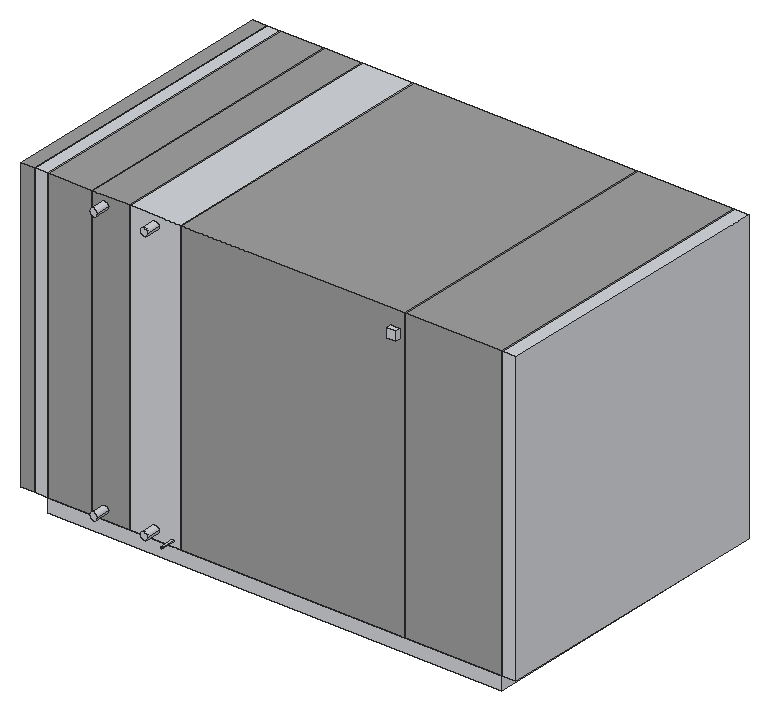
Revit family "Приточная система с водяным нагревом водяным охлаждением", category Оборудование, Revit 2021
Family settings
  Размер круглого соединителя = Использовать диаметр
  Классификация = Нет
  Тип детали = Нормальный
  На основе рабочей плоскости = Нет
  Всегда вертикально = Да
  При загрузке вырезать с полостями = Нет
  Общий = Нет
  Точка принадлежности помещению = Нет
Parameters (values of type "16B")
  Ширина ГВ = ADSK_Размер_Ширина  # 2580 mm
  Сторона обслуживания [instance] = "Справа"
  Слив конденсата = 15 mm
  Подключение охладителя [instance] = 65 mm
  Подключение нагревателя G [instance] = 65 mm
  Подключение испарителя K [instance] = 0 mm
  Подключение испарителя E = 0 mm
  Отметка по умолчанию = 0 mm
  Длина секции охладителя [instance] = 457 mm
  Длина секции испарителя CF = 0 mm
  Длина гибкой встаки = 125 mm
  Длина секции шумоглушения SL [instance] = 862 mm
  Длина секции нагревателя HW [instance] = 336 mm
  Длина клапана FC = 120 mm
  Длина секции вентилятора FA [instance] = 1990 mm
  Длина секции фильтра F [instance] = 390 mm
  Высота рамы = 120 mm
  Высота ГВ = ADSK_Размер_Высота  # 2580 mm
  ADSK_Частота вращения двигателя = 1460
  ADSK_Тип воздушного фильтра [instance] = "G3"
  ADSK_Свободный напор воздуха = 400.0 Pa
  ADSK_Расход холодоносителя = 19.6 m³/h
  ADSK_Расход теплоносителя = 18.75 m³/h
  ADSK_Расход воздуха приточный [instance] = 33000.0 m³/h
  ADSK_Размер_Ширина = 2580 mm
  ADSK_Размер_Высота = 2580 mm
  ADSK_Полная мощность [instance] = 15.0 kW
  ADSK_Обозначение = "П3.16"
  ADSK_Напряжение = 380 V
  ADSK_Наименование краткое [instance] = "16B"
  ADSK_Масса = 1619
Types (16, lengths in mm): name | Ширина ГВ | Подключение охладителя | Подключение нагревателя G | Длина секции охладителя | Длина секции шумоглушения SL | Длина секции нагревателя HW | Длина секции вентилятора FA | Высота рамы | Высота ГВ | ADSK_Частота вращения двигателя | ADSK_Расход холодоносителя | ADSK_Расход теплоносителя | ADSK_Расход воздуха приточный | ADSK_Размер_Ширина | ADSK_Размер_Высота | ADSK_Полная мощность | ADSK_Обозначение | ADSK_Наименование краткое | ADSK_Масса
  1А | 850 | 20 | 20 | 361 | 825 | 240 | 690 | 0 | 440 | 2835 | 0.71 m³/h | 0.68 m³/h | 1200.0 m³/h | 850 | 440 | 0.55 kW | "П3.1" | "1А" | 244
  2А | 980 | 20 | 20 | 361 | 825 | 240 | 690 | 0 | 505 | 2805 | 1.46 m³/h | 1.42 m³/h | 2500.0 m³/h | 980 | 505 | 0.75 kW | "П3.2" | "2A" | 285
  16B | 2580 | 65 | 65 | 457 | 862 | 336 | 1990 | 120 | 2580 | 1460 | 19.6 m³/h | 18.75 m³/h | 33000.0 m³/h | 2580 | 2580 | 15.0 kW | "П3.16" | "16B" | 1619
  3A | 1080 | 20 | 20 | 361 | 825 | 240 | 740 | 120 | 695 | 2830 | 2.02 m³/h | 1.99 m³/h | 3500.0 m³/h | 1080 | 695 | 1.1 kW | "П3.3" | "3А" | 343
  4A | 1360 | 25 | 25 | 361 | 825 | 240 | 820 | 120 | 695 | 2880 | 2.59 m³/h | 2.56 m³/h | 4500.0 m³/h | 1360 | 695 | 2.2 kW | "П3.4" | "4A" | 306
  5A | 1360 | 25 | 25 | 361 | 825 | 240 | 820 | 120 | 803 | 2880 | 3.17 m³/h | 3.12 m³/h | 5500.0 m³/h | 1360 | 803 | 2.2 kW | "П3.5" | "5A" | 429
  6A | 1580 | 32 | 32 | 361 | 825 | 240 | 850 | 120 | 803 | 2905 | 3.79 m³/h | 3.69 m³/h | 6500.0 m³/h | 1580 | 803 | 3.0 kW | "П3.6" | "6A" | 482
  7A | 1580 | 25 | 32 | 361 | 825 | 240 | 900 | 120 | 990 | 2945 | 4.46 m³/h | 4.26 m³/h | 7500.0 m³/h | 1580 | 990 | 4.0 kW | "П3.7" | "7A" | 531
  8A | 1950 | 32 | 32 | 361 | 825 | 240 | 1250 | 120 | 990 | 2945 | 5.36 m³/h | 5.11 m³/h | 9000.0 m³/h | 1950 | 990 | 4.0 kW | "П3.8" | "8A" | 637
  9A | 2160 | 32 | 32 | 361 | 825 | 240 | 1380 | 120 | 1095 | 1455 | 6.49 m³/h | 6.25 m³/h | 11000.0 m³/h | 2160 | 1095 | 3.0 kW | "П3.9" | "9A" | 736
  10B | 2040 | 40 | 40 | 402 | 862 | 281 | 1460 | 120 | 1360 | 1460 | 7.64 m³/h | 7.38 m³/h | 13000.0 m³/h | 2040 | 1360 | 4.0 kW | "П3.10" | "10B" | 872
  12B | 2040 | 32 | 50 | 402 | 862 | 305 | 1635 | 120 | 1680 | 1465 | 10.23 m³/h | 10.23 m³/h | 18000.0 m³/h | 2040 | 1680 | 7.5 kW | "П3.12" | "12B" | 1040
  11B | 2580 | 32 | 65 | 402 | 862 | 336 | 1635 | 120 | 1360 | 1465 | 10.12 m³/h | 9.66 m³/h | 17000.0 m³/h | 2580 | 1360 | 5.5 kW | "П3.11" | "11B" | 1062.8
  13B | 2040 | 50 | 50 | 426 | 862 | 305 | 1635 | 120 | 2040 | 1465 | 11.9 m³/h | 11.36 m³/h | 20000.0 m³/h | 2040 | 2040 | 7.5 kW | "П3.13" | "13B" | 1129
  14B | 2580 | 50 | 65 | 426 | 862 | 336 | 1775 | 120 | 1680 | 1465 | 130.9 m³/h | 12.5 m³/h | 22000.0 m³/h | 2580 | 1680 | 7.5 kW | "П3.14" | "14B" | 1222
  15B | 2580 | 50 | 65 | 426 | 862 | 336 | 1945 | 120 | 2040 | 1470 | 14.24 m³/h | 13.63 m³/h | 24000.0 m³/h | 2580 | 2040 | 11.0 kW | "П3.15" | "15B" | 1386
Reference planes
  plane 1 "По центру (Вперед/Назад)": y = 0
  plane 2: z = -120
  plane 3 "По центру (Влево/Вправо)": x = 0
  plane 4 "Ширина": y = -2580
  plane 5: x = 510
  plane 6 "Высота": z = 2460
  plane 7: x = 846
  plane 8: x = 3293
  plane 9: x = 4155
  plane 10: x = 0
  plane 11: x = -125
  plane 12: x = 4155
  plane 13: z = -120
  plane 14: z = -120
  plane 15: x = 4280
  plane 16: x = 0
  plane 17 "клапан": x = 120
  plane 18 "Рама": z = -240
  plane 19: x = 1303
Forms (mm)
  Extrusion 1, solid, material "По умолчанию"
    sketch origin (0, 0, 0) x (1, 0, 0) y (0, 0, 1)
      loop
        line (120, -120) -> (510, -120) -> (510, 2460) -> (120, 2460) -> (120, -120)
    from 0 <- "Отметка по умолчанию" to 2580 <- "ADSK_Размер_Ширина"
  Extrusion 2, solid, material "По умолчанию"
    sketch origin (390, 0, 0) x (1, 0, 0) y (0, 0, 1)
      loop
        line (120, -120) -> (456, -120) -> (456, 2460) -> (120, 2460) -> (120, -120)
    from 0 to 2580 <- "ADSK_Размер_Ширина"
  Extrusion 3, solid, material "По умолчанию"
    sketch origin (910, 0, 0) x (1, 0, 0) y (0, 0, 1)
      loop
        line (393, -120) -> (2383, -120) -> (2383, 2460) -> (393, 2460) -> (393, -120)
    from 0 to 2580 <- "ADSK_Размер_Ширина"
  Extrusion 4, solid, material "По умолчанию"
    sketch origin (1570, 0, 0) x (1, 0, 0) y (0, 0, 1)
      loop
        line (1723, -120) -> (2585, -120) -> (2585, 2460) -> (1723, 2460) -> (1723, -120)
    from 0 to 2580 <- "ADSK_Размер_Ширина"
  Extrusion 5, solid, material "По умолчанию"
    sketch origin (-570, 0, 0) x (1, 0, 0) y (0, 0, 1)
      loop
        line (570, 2460) -> (445, 2460) -> (445, -120) -> (570, -120) -> (570, 2460)
    from 0 to 2580 <- "Ширина ГВ"
  Extrusion 6, solid
    sketch origin (610, -2580, 0) x (1, 0, 0) y (0, 0, 1)
      loop
        circle (15, -40) r 32.5
      loop
        circle (15, 2380) r 32.5
    from 0 to 120
  Extrusion 7, solid
    sketch origin (900, -850, 0) x (1, 0, 0) y (0, 0, 1)
      loop
        line (2271.169, 2325) -> (2271.169, 2245) -> (2351.169, 2245) -> (2351.169, 2325) -> (2271.169, 2325)
    from 1730 to 1780
  Extrusion 8, solid
    sketch origin (0, 0, 0) x (1, 0, 0) y (0, 0, 1)
      loop
        line (4280, -120) -> (4280, 2460) -> (4155, 2460) -> (4155, -120) -> (4280, -120)
    from 0 to 2580 <- "Ширина ГВ"
  Extrusion 9, solid
    sketch origin (0, -2580, 0) x (-1, 0, 0) y (0, 0, 1)
      loop
        line (0, -120) -> (0, 2460) -> (-120, 2460) -> (-120, -120) -> (0, -120)
    from 0 to 2580 <- "ADSK_Размер_Ширина"
  Extrusion 10, solid
    sketch origin (0, 0, 0) x (1, 0, 0) y (0, 0, 1)
      loop
        line (120, -240) -> (4155, -240) -> (4155, -120) -> (120, -120) -> (120, -240)
    from 0 to 2580 <- "ADSK_Размер_Ширина"
  Extrusion 11, solid
    sketch origin (0, 0, 0) x (1, 0, 0) y (0, 0, 1)
      loop
        line (846, 2460) -> (846, -120) -> (1303, -120) -> (1303, 2460) -> (846, 2460)
    from 0 to 2580 <- "ADSK_Размер_Ширина"
  Extrusion 12, solid
    sketch origin (930, -2580, 0) x (1, 0, 0) y (0, 0, 1)
      loop
        circle (144.5, -40) r 32.5
      loop
        circle (144.5, 2380) r 32.5
    from 0 to 120
  Extrusion 13, solid
    sketch origin (0, 0, 0) x (1, 0, 0) y (0, 0, 1)
      loop
        circle (1227.309, -77.394) r 7.5
    from 2580 to 2700
Dimensions and locks
  Extrusion 1 sketch curve to Extrusion 1 sketch curve = 2580 mm
  "ADSK_Размер_Высота": level to plane 6 "Высота"
  "Длина секции нагревателя HW": plane 7 to plane 5
  "Длина секции вентилятора FA": plane 8 to plane 19
  "Длина секции шумоглушения SL": plane 9 to plane 8
  Extrusion 2 sketch curve to Extrusion 2 sketch curve = 2580 mm
  Extrusion 3 sketch curve to Extrusion 3 sketch curve = 2580 mm
  Extrusion 4 sketch curve to Extrusion 4 sketch curve = 2580 mm
  "ADSK_Размер_Ширина": plane 1 "По центру (Вперед/Назад)" to plane 4 "Ширина"
  plane 3 "По центру (Влево/Вправо)" to plane 10 = 0 mm
  "Длина гибкой встаки": plane 10 to plane 11
  locked: plane 6 "Высота" to Extrusion 6 sketch curve at 80
  locked: Extrusion 6 sketch curve to level at 80
  equal spacing: plane 7, Extrusion 6 sketch curve, plane 5  (x2)
  locked: Extrusion 7 sketch curve to Extrusion 7 sketch curve at 80  (x2)
  locked: plane 6 "Высота" to Extrusion 7 sketch curve at 135
  plane 8 to Extrusion 7 sketch curve = 41.831 mm
  locked: plane 4 "Ширина" to Extrusion 7 at 50
  level to plane 14 = 0 mm
  "Высота ГВ": Extrusion 5 sketch curve to Extrusion 5 sketch curve
  "Длина гибкой встаки": plane 15 to plane 12
  "Высота ГВ": Extrusion 8 sketch curve to Extrusion 8 sketch curve
  Extrusion 8 sketch curve to level = 0 mm
  "Длина секции испарителя CF": plane 16 to plane 3 "По центру (Влево/Вправо)"
  level to Extrusion 1 = 2580 mm
  "Длина клапана FC": plane 17 "клапан" to plane 16
  "Длина секции фильтра F": plane 5 to plane 17 "клапан"
  Extrusion 5 to Extrusion 9 to Extrusion 9 to Extrusion 2 to Extrusion 11 to Extrusion 3 to Extrusion 4 to Extrusion 8 to Extrusion 8 = 125 mm, 120 mm, 390 mm, 336 mm, 457 mm, 1990 mm, 862 mm, 125 mm
  "Длина секции охладителя": plane 19 to plane 7
  equal spacing: plane 19, Extrusion 12 sketch curve, plane 7  (x2)
  "Подключение нагревателя G": diameter of Extrusion 6 sketch curve  (x2)
  "Подключение охладителя": diameter of Extrusion 12 sketch curve  (x2)
  "Слив конденсата": diameter of Extrusion 13 sketch curve
  aligned and locked: level to plane 2
  aligned and locked: plane 5 to Extrusion 1
  aligned and locked: plane 6 "Высота" to Extrusion 1
  aligned and locked: Extrusion 1 to level
  aligned and locked: Extrusion 1 to plane 4 "Ширина"
  aligned and locked: plane 7 to Extrusion 2
  aligned and locked: plane 8 to Extrusion 3
  aligned and locked: plane 9 to Extrusion 4
  aligned and locked: Extrusion 2 to Extrusion 1  (x2)
  aligned and locked: Extrusion 4 to plane 8
  aligned and locked: Extrusion 4 to Extrusion 1
  aligned and locked: Extrusion 3 to Extrusion 1
  aligned and locked: Extrusion 1 to Extrusion 2
  aligned and locked: Extrusion 1 to Extrusion 3
  aligned and locked: Extrusion 1 to Extrusion 4
  aligned and locked: Extrusion 2 to level
  aligned and locked: Extrusion 3 to level
  aligned and locked: level to Extrusion 4
  aligned and locked: Extrusion 7 to plane 4 "Ширина"
  aligned and locked: plane 10 to Extrusion 5 sketch curve
  aligned and locked: Extrusion 5 sketch curve to plane 11
  aligned and locked: Extrusion 8 sketch curve to plane 15
  aligned and locked: plane 12 to Extrusion 8 sketch curve
  aligned and locked: level to Extrusion 5 sketch curve
  aligned and locked: Extrusion 1 to plane 17 "клапан"
  aligned and locked: plane 9 to plane 12
  aligned and locked: Extrusion 5 to Extrusion 9 sketch curve
  aligned and locked: Extrusion 9 sketch curve to Extrusion 5
  aligned and locked: Extrusion 1 to Extrusion 9 sketch curve
  aligned and locked: Extrusion 9 sketch curve to Extrusion 1
  aligned and locked: Extrusion 10 sketch curve to plane 18 "Рама"
  aligned and locked: Extrusion 10 sketch curve to level
  aligned and locked: Extrusion 10 sketch curve to plane 17 "клапан"
  aligned and locked: plane 9 to Extrusion 10 sketch curve
  aligned and locked: Extrusion 3 to plane 19
  aligned and locked: Extrusion 11 sketch curve to plane 6 "Высота"
  aligned and locked: level to Extrusion 11 sketch curve
  aligned and locked: plane 7 to Extrusion 11 sketch curve
  aligned and locked: Extrusion 11 sketch curve to plane 19
  aligned and locked: Extrusion 12 to Extrusion 1
  aligned and locked: Extrusion 13 to Extrusion 1
  aligned and locked: Extrusion 6 to Extrusion 13
Automatic sketch dimensions
  Extrusion 1 sketch curve to plane 6 "Высота" = 0 mm
  Extrusion 1 sketch curve to plane 17 "клапан" = 0 mm
  Extrusion 1 sketch curve to plane 5 = 0 mm
  Extrusion 2 sketch curve to plane 5 = 0 mm
  Extrusion 2 sketch curve to plane 6 "Высота" = 0 mm
  Extrusion 2 sketch curve to plane 7 = 0 mm
  Extrusion 3 sketch curve to plane 6 "Высота" = 0 mm
  Extrusion 3 sketch curve to plane 19 = 0 mm
  Extrusion 3 sketch curve to plane 8 = 0 mm
  Extrusion 4 sketch curve to plane 6 "Высота" = 0 mm
  Extrusion 4 sketch curve to plane 8 = 0 mm
  Extrusion 4 sketch curve to plane 9 = 0 mm
  Extrusion 6 sketch curve to Extrusion 2 = 115 mm  (x2)
  Extrusion 13 sketch curve to plane 19 = 75.691 mm
  level to Extrusion 13 sketch curve = 42.606 mm
  Extrusion 12 sketch curve to Extrusion 2 = 80 mm  (x2)
Connectors
  electrical at (3211.169, -2630, 2285), driven by "ADSK_Полная мощность"
    settings: on Extrusion 7, index 3, voltage 380 V, apparent load 0.0 kW, apparent load phase1 15.0 kW, apparent load phase2 0.0 kW, apparent load phase3 0.0 kW, power factor 1, load classification "Прочее", number of poles 1, system type 31, power factor state 1, is connector primary yes, connector utility no, sub classification motor yes, connector description ""
  hvac at (-125, -1290, 1170), driven by "Высота ГВ", driven by "Ширина ГВ", driven by "ADSK_Расход воздуха приточный"
    settings: on Extrusion 5, index 4, duct flow 33000.0 m³/h, flow factor 0, pres drop 0.0 Pa, loss coef 0, conn angle 0.00°, conn width 2580 mm, conn height 2580 mm, conn diameter 609.6 mm, duct sys type 1, conn prof type 1, flow config 0, flow direction 2, loss method 0, conn ref index -1, conn util yes, is conn primary yes, conn desc ""
  hvac at (4280, -1290, 1170), driven by "Высота ГВ", driven by "Ширина ГВ", driven by "ADSK_Расход воздуха приточный"
    settings: on Extrusion 8, index 5, duct flow 33000.0 m³/h, flow factor 0, pres drop 0.0 Pa, loss coef 0, conn angle 0.00°, conn width 2580 mm, conn height 2580 mm, conn diameter 609.6 mm, duct sys type 1, conn prof type 1, flow config 0, flow direction 1, loss method 0, conn ref index -1, conn util yes, is conn primary no, conn desc ""
  piping at (625, -2700, 2380), diameter 65, driven by "Подключение нагревателя G", driven by "ADSK_Расход теплоносителя"
    settings: on Extrusion 6, index 6, connector inside diameter 609.6 mm, connector length 0 mm, flow factor 0, pipe flow 18.75 m³/h, pressure drop 0.0 Pa, fitting loss kfactor 0, connector angle 0.00°, fixture units 0, engagement length 0 mm, angle of deflection 0.00°, flow configuration 0, flow direction 0, fitting loss method 0, system type 19, joint type 0, gender type 0, connector reference index -1, connector utility 0, adjustable connector no, is connector primary yes, connector description ""
  piping at (625, -2700, -40), diameter 65, driven by "Подключение нагревателя G", driven by "ADSK_Расход теплоносителя"
    settings: on Extrusion 6, index 7, connector inside diameter 609.6 mm, connector length 0 mm, flow factor 0, pipe flow 18.75 m³/h, pressure drop 0.0 Pa, fitting loss kfactor 0, connector angle 0.00°, fixture units 0, engagement length 0 mm, angle of deflection 0.00°, flow configuration 0, flow direction 0, fitting loss method 0, system type 19, joint type 0, gender type 0, connector reference index -1, connector utility 0, adjustable connector no, is connector primary no, connector description ""
  piping at (1074.5, -2700, 2380), diameter 65, driven by "Подключение охладителя", driven by "ADSK_Расход холодоносителя"
    settings: on Extrusion 12, index 8, connector inside diameter 609.6 mm, connector length 0 mm, flow factor 0, pipe flow 19.6 m³/h, pressure drop 0.0 Pa, fitting loss kfactor 0, connector angle 0.00°, fixture units 0, engagement length 0 mm, angle of deflection 0.00°, flow configuration 0, flow direction 0, fitting loss method 0, system type 7, joint type 0, gender type 0, connector reference index -1, connector utility 0, adjustable connector no, is connector primary no, connector description ""
  piping at (1074.5, -2700, -40), diameter 65, driven by "Подключение охладителя", driven by "ADSK_Расход холодоносителя"
    settings: on Extrusion 12, index 10, connector inside diameter 609.6 mm, connector length 0 mm, flow factor 0, pipe flow 19.6 m³/h, pressure drop 0.0 Pa, fitting loss kfactor 0, connector angle 0.00°, fixture units 0, engagement length 0 mm, angle of deflection 0.00°, flow configuration 0, flow direction 0, fitting loss method 0, system type 7, joint type 0, gender type 0, connector reference index -1, connector utility 0, adjustable connector no, is connector primary no, connector description ""
  piping at (1227.309, -2700, -77.394), diameter 15, driven by "Слив конденсата"
    settings: on Extrusion 13, index 12, connector inside diameter 609.6 mm, connector length 0 mm, flow factor 0, pipe flow 0.0 m³/h, pressure drop 0.0 Pa, fitting loss kfactor 0, connector angle 0.00°, fixture units 0, engagement length 0 mm, angle of deflection 0.00°, flow configuration 0, flow direction 0, fitting loss method 0, system type 7, joint type 0, gender type 0, connector reference index -1, connector utility 0, adjustable connector no, is connector primary no, connector description ""
